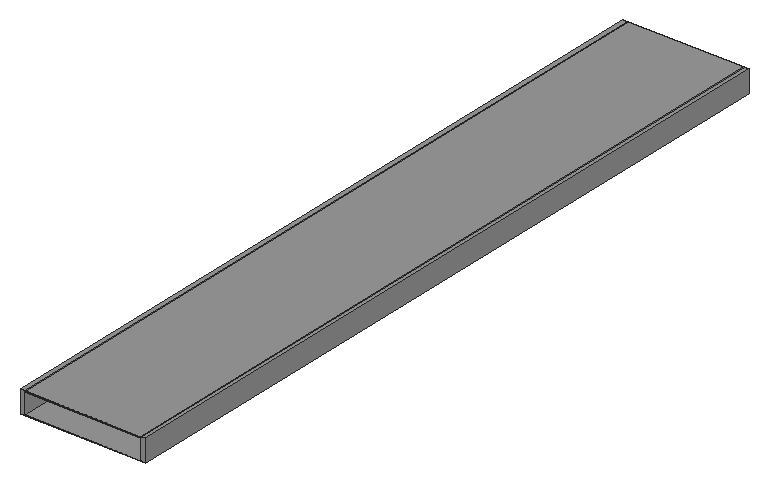
Revit family "OKA-W, Kanaleinheit, blind, rastend, Höhe 40-70mm", category Generic Models, Revit 2015
Parameters (values of type "OKA-W4004030R")
  Width = 400 mm
  URL = "http://www.obo-bettermann.com"
  Material = Steel, Galvanized
  Manufacturer Art. No. = "7424464"
  Manufacturer = "OBO Bettermann"
  Length [instance] = 2400 mm
  HeightCalc [instance] = if(Height < 40 mm, 40 mm, (if(Height > 70 mm, 70 mm, Height)))  # 70 mm
  Height [instance] = 140 mm
  GTIN = "4012195244370"
  Article Type = "OKA-W4004030R"
Types (4, lengths in mm): name | Width | Manufacturer Art. No. | GTIN | Article Type
  (no name) | 400 | "7424464" | "4012195244370" | "OKA-W4004030R"
  OKA-W2004030R | 200 | "7424460" | "4012195244356" | "OKA-W2004030R"
  OKA-W3004030R | 300 | "7424462" | "4012195244363\r\n4012195244363" | "OKA-W3004030R"
  OKA-W4004030R | 400 | "7424464" | "4012195244370" | "OKA-W4004030R"
Reference planes
  plane 1 "Center (Front/Back)": y = 0
  plane 2: z = 0
  plane 3 "Center (Left/Right)": x = 0
  plane 4: z = 70
  plane 5: y = -2400
  plane 6: x = 200
  plane 7: x = -200
Forms (mm)
  Extrusion 1, solid, material "Aluminum 6061"
    sketch origin (0, 0, 0) x (1, 0, 0) y (0, 0, 1)
      loop
        line (185, 70) -> (185, 1) -> (-185, 1) -> (-185, 70) -> (-200, 70) -> (-200, 0) -> (200, 0) -> (200, 70) -> (185, 70)
    from 0 to 2400
  Extrusion 2, solid, material "Steel, Galvanized" <- "Material"
    sketch origin (0, 0, 0) x (1, 0, 0) y (0, 0, 1)
      loop
        line (185, 66) -> (185, 70) -> (-185, 70) -> (-185, 66) -> (185, 66)
    from 0 to 2400
Lines and regions (mm)
  model lines
    curve 1: line (-200, 0, 70) -> (-185, 0, 70)
    curve 2: line (-185, 0, 70) -> (-185, 0, 0)
    curve 3: line (-185, 0, 0) -> (-435, 0, 0)
    curve 4: line (-435, 0, 0) -> (-435, 0, 1)
    curve 5: line (-435, 0, 1) -> (-200, 0, 1)
    curve 6: line (-200, 0, 1) -> (-200, 0, 70)
    curve 7: line (185, 0, 70) -> (185, 0, 0)
    curve 8: line (185, 0, 0) -> (435, 0, 0)
    curve 9: line (435, 0, 0) -> (435, 0, 1)
    curve 10: line (435, 0, 1) -> (200, 0, 1)
    curve 11: line (200, 0, 1) -> (200, 0, 70)
    curve 12: line (200, 0, 70) -> (185, 0, 70)
    curve 13: line (185, 0, 70) -> (185, 0, 0)
    curve 14: line (-185, 0, 0) -> (-185, 0, 70)
    curve 15: line (-185, 0, 70) -> (185, 0, 70)
    curve 16: line (-185, 0, 66) -> (185, 0, 66)
Dimensions and locks
  locked: curve 5 to curve 3 at 1
  locked: curve 2 to curve 6 at 15
  locked: curve 10 to curve 8 at 1
  locked: curve 2 to curve 4 at 250
  locked: curve 9 to curve 7 at 250
  locked: curve 11 to curve 7 at 15
  "Length": plane 1 "Center (Front/Back)" to plane 5
  equal spacing: plane 7, plane 3 "Center (Left/Right)", plane 6
  "Width": plane 7 to plane 6
  "HeightCalc": level to plane 4
  locked: curve 16 to curve 15 at 4
  aligned and locked: level to plane 2
  aligned and locked: level to curve 3
  aligned and locked: curve 6 to plane 7
  aligned and locked: curve 11 to plane 6
  aligned and locked: plane 4 to curve 1
  aligned and locked: curve 8 to level
  aligned and locked: Extrusion 1 sketch curve to curve 13
  aligned and locked: Extrusion 1 sketch curve to curve 12
  aligned and locked: Extrusion 1 sketch curve to curve 11
  aligned and locked: Extrusion 1 sketch curve to curve 6
  aligned and locked: curve 14 to Extrusion 1 sketch curve
  aligned and locked: Extrusion 1 sketch curve to curve 1
  aligned and locked: Extrusion 1 to plane 5
  aligned and locked: Extrusion 2 sketch curve to curve 16
  aligned and locked: Extrusion 2 sketch curve to curve 15
  aligned and locked: Extrusion 2 sketch curve to curve 2
  aligned and locked: Extrusion 2 sketch curve to curve 7
  aligned and locked: Extrusion 2 to plane 5
  aligned and locked: curve 5 to Extrusion 1 sketch curve
Automatic sketch dimensions
  Extrusion 1 sketch curve to level = 0 mm
